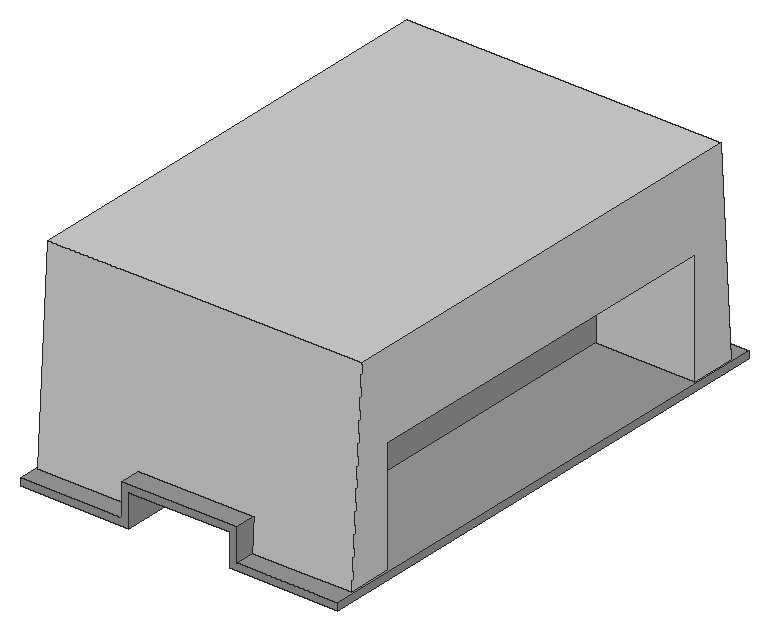
Revit family "Potentialausgleichsschiene für Kleinanlagen", category Generic Models, Revit 2015
Parameters (values of type "1809 BG")
  Width 1 = 14.1 mm
  Width = 44.6 mm
  URL = "http://www.obo-bettermann.com"
  Material 3 = Polystyrene
  Material 2 = Brass, Soft Yellow
  Material = Steel, Galvanized
  Manufacturer Art.No. = "5015502"
  Manufacturer = "OBO Bettermann"
  Length 2 = 66 mm
  Length 1 = 55 mm
  Length = 72 mm
  Height 1 = 5.5 mm
  Height = 29 mm
  GTIN = "4012195378372"
  Article Type = "1809 BG"
Reference planes
  plane 1 "Center (Front/Back)": y = 0
  plane 2: z = 0
  plane 3 "Center (Left/Right)": x = 0
  plane 4: y = 36
  plane 5: y = -36
  plane 6: y = -27.5
  plane 7: y = 27.5
  plane 8: x = -22
  plane 9: x = 22
Forms (mm)
  Extrusion 1, solid, material "Steel, Galvanized" <- "Material"
    sketch origin (0, 0, 0) x (1, 0, 0) y (0, 0, 1)
      loop
        line (-22.3, 0) -> (-7.05, 0) -> (-7.05, 4.5) -> (7.05, 4.5) -> (7.05, 0) -> (22.3, 0) -> (22.3, 1) -> (8.05, 1) -> (8.05, 5.5) -> (-8.05, 5.5) -> (-8.05, 1) -> (-22.3, 1) -> (-22.3, 0)
    from -36 to 36
  Extrusion 2, solid, material "Brass, Soft Yellow" <- "Material 2"
    sketch origin (0, 0, 0) x (1, 0, 0) y (0, 0, 1)
      loop
        line (-6, 5.5) -> (6, 5.5) -> (6, 15.5) -> (-6, 15.5) -> (-6, 5.5)
    from -27.5 to 27.5
  Extrusion 3, void
    sketch origin (0, 0, 0) x (0, 1, 0) y (0, 0, 1)
      loop
        circle (19.5, 10.5) r 3
      loop
        circle (11, 10.5) r 3
      loop
        circle (-5.5, 10.5) r 3
      loop
        circle (-14, 10.5) r 3
      loop
        circle (-22.5, 10.5) r 3
    from -6 to 6
  Extrusion 4, solid, material "Polystyrene" <- "Material 3"
    sketch origin (0, 0, 0) x (0, 1, 0) y (0, 0, 1)
      loop
        line (-33.281, 1) -> (-27, 1) -> (-27, 17) -> (27, 17) -> (27, 1) -> (33.281, 1) -> (31.53, 29) -> (-31.53, 29) -> (-33.281, 1)
    from -22 to 22
  Extrusion 5, void
    sketch origin (0, 0, 0) x (1, 0, 0) y (0, 0, 1)
      loop
        line (-7.05, 0) -> (7.05, 0) -> (7.05, 4.5) -> (-7.05, 4.5) -> (-7.05, 0)
    from -36 to 36
Cuts and joins
  Extrusion 3 cuts Extrusion 2
  Extrusion 5 cuts Extrusion 1
  Extrusion 5 cuts Extrusion 4
Dimensions and locks
  "Width": Extrusion 1 sketch curve to Extrusion 1 sketch curve
  equal spacing: Extrusion 1 sketch curve, plane 3 "Center (Left/Right)", Extrusion 1 sketch curve, locked at 22.3 each
  "Width 1": Extrusion 1 sketch curve to Extrusion 1 sketch curve
  equal spacing: Extrusion 1 sketch curve, plane 3 "Center (Left/Right)", Extrusion 1 sketch curve
  locked: Extrusion 1 sketch curve to Extrusion 1 sketch curve at 1  (x5)
  "Height 1": Extrusion 1 sketch curve to level
  "Length": plane 4 to plane 5
  locked: plane 4 to plane 1 "Center (Front/Back)" at 36
  locked: Extrusion 2 sketch curve to Extrusion 2 sketch curve at 12
  equal spacing: Extrusion 2 sketch curve, plane 3 "Center (Left/Right)", Extrusion 2 sketch curve, locked at 6 each
  locked: Extrusion 2 sketch curve to Extrusion 1 at 10
  "Length 1": plane 7 to plane 6
  locked: plane 7 to plane 1 "Center (Front/Back)" at 27.5
  locked: Extrusion 3 sketch curve to Extrusion 1 at 5  (x5)
  locked: Extrusion 1 to Extrusion 3 sketch curve at 16.5
  locked: plane 4 to Extrusion 3 sketch curve at 25
  locked: Extrusion 3 sketch curve to Extrusion 1 at 13.5
  locked: Extrusion 3 sketch curve to Extrusion 1 at 22
  locked: Extrusion 3 sketch curve to plane 5 at 30.5
  locked: Extrusion 4 sketch curve to Extrusion 4 sketch curve at 66.563
  equal spacing: Extrusion 4 sketch curve, plane 1 "Center (Front/Back)", Extrusion 4 sketch curve, locked at 33.281 each
  locked: Extrusion 4 sketch curve to Extrusion 4 sketch curve at 63.06
  equal spacing: Extrusion 4 sketch curve, plane 1 "Center (Front/Back)", Extrusion 4 sketch curve, locked at 31.53 each
  "Height": Extrusion 4 sketch curve to level
  Extrusion 4 sketch curve to Extrusion 4 sketch curve = 6.281 mm  (x2)
  locked: Extrusion 4 sketch curve to Extrusion 1 at 16
  locked: plane 8 to plane 9 at 44
  locked: plane 8 to plane 3 "Center (Left/Right)" at 22
  diameter of Extrusion 3 sketch curve = 6 mm  (x5)
  aligned and locked: level to plane 2
  aligned and locked: Extrusion 1 sketch curve to level  (x2)
  aligned and locked: plane 4 to Extrusion 1
  aligned and locked: Extrusion 1 to plane 5
  aligned and locked: Extrusion 2 sketch curve to Extrusion 1
  aligned and locked: plane 7 to Extrusion 2
  aligned and locked: Extrusion 2 to plane 6
  aligned and locked: Extrusion 2 to Extrusion 3  (x2)
  aligned and locked: Extrusion 4 to plane 8
  aligned and locked: plane 9 to Extrusion 4
  aligned and locked: Extrusion 4 sketch curve to Extrusion 4 sketch curve
  aligned and locked: Extrusion 5 sketch curve to Extrusion 1  (x3)
  aligned and locked: Extrusion 1 to Extrusion 5 sketch curve
  aligned and locked: Extrusion 1 to Extrusion 5  (x2)
Automatic sketch dimensions
  level to Extrusion 4 sketch curve = 1 mm
